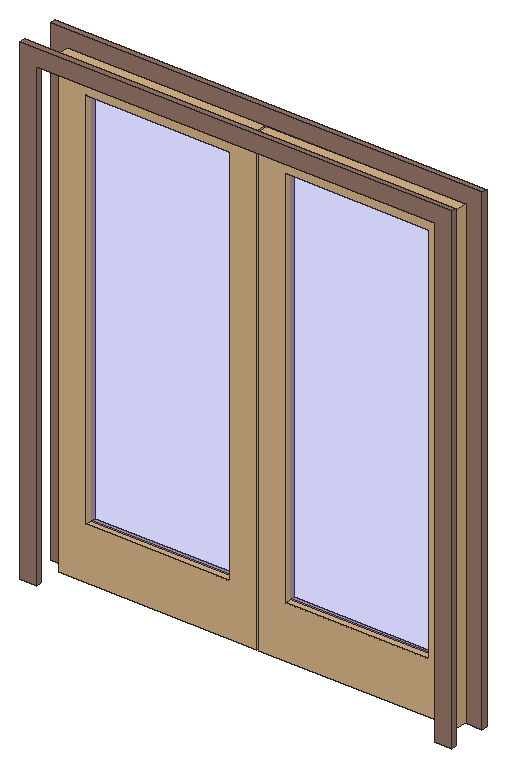
Revit family "0010_M_DR_W_double-glass 1", category 문, Revit 2026
Family settings
  호스트 = 벽
  항상 수직 = 예
  로드될 때 보이드를 사용하여 절단 = 아니오
  공유 = 아니오
  룸 계산 점 = 아니오
Parameters (values of type "72" x 84"")
  두께 = 0' - 2"
  조합 코드 = "C1020"
  기능 = 내부
  Door Material = Door - Panel
  Frame Material = Door - Frame
  Height = 7' - 0"
  Rail Width - Base = 0' - 9 1/2"
  Rail Width - Top = 0' - 5"
  Stile Width = 0' - 5"
  Trim Projection = 0' - 1"
  Trim Width = 0' - 3"
  벽 마무리 = 호스트별
  Width = 6' - 0"
Types (6): name | 두께 | 조합 코드 | Height | Rail Width - Base | Rail Width - Top | Stile Width | Trim Projection | Trim Width | Width
  72" x 84" | 0' - 2" | "C1020" | 7' - 0" | 0' - 9 1/2" | 0' - 5" | 0' - 5" | 0' - 1" | 0' - 3" | 6' - 0"
  68" x 80" | 0' - 2" | "C1020" | 6' - 8" | 0' - 9 1/2" | 0' - 5" | 0' - 5" | 0' - 1" | 0' - 3" | 5' - 8"
  68" x 84" | 0' - 2" | "C1020" | 7' - 0" | 0' - 9 1/2" | 0' - 5" | 0' - 5" | 0' - 1" | 0' - 3" | 5' - 8"
  72" x 78" | 0' - 2" | "C1020" | 6' - 6" | 0' - 9 1/2" | 0' - 5" | 0' - 5" | 0' - 1" | 0' - 3" | 6' - 0"
  72" x 82" | 0' - 2" | "C1020" | 6' - 10" | 0' - 9 1/2" | 0' - 5" | 0' - 5" | 0' - 1" | 0' - 3" | 6' - 0"
  1830 x 2134mm | 0' - 1 31/32" | 0' - 0" | 7' - 0 1/64" | 0' - 9 57/128" | 0' - 4 59/64" | 0' - 4 59/64" | 0' - 0 63/64" | 0' - 2 61/64" | 6' - 0 3/64"
Reference planes (in)
  plane 1: y = 0
  plane 2: z = 0
  plane 3: x = 0
  plane 4: x = -36
  plane 5: x = 36
  plane 6: z = 84
  plane 7: z = 42
  plane 8: z = 9.5
  plane 9: z = 79
  plane 10: x = 31
  plane 11: x = 5
  plane 12: x = -31
  plane 13: x = -5
Forms (in)
  Extrusion 1, solid, material "Door - Panel" <- "Door Material"
    sketch origin (0, 0, 0) x (1, 0, 0) y (0, 0, 1)
      loop
        line (-36, 84) -> (-36, 0) -> (-0.125, 0) -> (-0.125, 84) -> (-36, 84)
      loop
        line (36, 84) -> (0.125, 84) -> (0.125, 0) -> (36, 0) -> (36, 84)
      loop
        line (-31, 79) -> (-31, 9.5) -> (-5, 9.5) -> (-5, 79) -> (-31, 79)
      loop
        line (5, 79) -> (5, 9.5) -> (31, 9.5) -> (31, 79) -> (5, 79)
    from -3.09375 to -1.09375
  Extrusion 2, solid, material "Glass"
    sketch origin (0, 0, 0) x (1, 0, 0) y (0, 0, 1)
      loop
        line (-5, 79) -> (-31, 79) -> (-31, 9.5) -> (-5, 9.5) -> (-5, 79)
    from -2.375 to -2.09375
  Extrusion 3, solid, material "Glass"
    sketch origin (0, 0, 0) x (1, 0, 0) y (0, 0, 1)
      loop
        line (5, 79) -> (5, 9.5) -> (31, 9.5) -> (31, 79) -> (5, 79)
    from -2.375 to -2.09375
  Extrusion 4, solid, material "Door - Frame" <- "Frame Material"
    sketch origin (-93.06215, 3.09375, 0) x (-1, 0, 0) y (0, 0, 1)
      loop
        line (-129.06215, 0) -> (-129.06215, 84) -> (-57.06215, 84) -> (-57.06215, 0) -> (-54.06215, 0) -> (-54.06215, 87) -> (-132.06215, 87) -> (-132.06215, 0) -> (-129.06215, 0)
    from 0 to 1
  Extrusion 5, solid, material "Door - Frame" <- "Frame Material"
    sketch origin (-93.06215, -2.90625, 0) x (1, 0, 0) y (0, 0, 1)
      loop
        line (129.06215, 0) -> (132.06215, 0) -> (132.06215, 87) -> (54.06215, 87) -> (54.06215, 0) -> (57.06215, 0) -> (57.06215, 84) -> (129.06215, 84) -> (129.06215, 0)
    from 0 to 1
Lines and regions (in)
  Opening 1
    outline origin (-60, -2.90625, 144) x (0, 0, -1) y (1, 0, 0)
      loop
        line (60, 24) -> (144, 24) -> (144, 96) -> (60, 96) -> (60, 24)
  symbolic lines, style "DoorsPanelProjection"
    curve 1: line (35.9952, 3.09375, 0) -> (34, 3.09375, 0)
    curve 2: line (35.9952, 3.09375, 0) -> (35.9952, 8.09375, 0)
    curve 3: line (35.9952, 39.10051, 0) -> (34, 39.10051, 0)
    curve 4: line (34, 3.09375, 0) -> (34, 8.09375, 0)
    curve 5: line (-36.02099, 3.09375, 0) -> (-34, 3.09375, 0)
    curve 6: line (-36.02099, 3.09375, 0) -> (-36.02099, 8.09375, 0)
    curve 7: line (-36.02099, 40.14287, 0) -> (-34, 40.14287, 0)
    curve 8: line (-34, 3.09375, 0) -> (-34, 8.09375, 0)
    curve 13: line (-36.02099, 35.14287, 0) -> (-34, 35.14287, 0)
    curve 14: line (-36.02099, 8.09375, 0) -> (-34, 8.09375, 0)
    curve 16: line (34, 34.10051, 0) -> (35.9952, 34.10051, 0)
    curve 17: line (35.9952, 8.09375, 0) -> (34, 8.09375, 0)
    curve 19: line (-36.02099, 35.14287, 0) -> (-36.02099, 40.14287, 0)
    curve 20: line (-34, 35.14287, 0) -> (-34, 40.14287, 0)
    curve 21: line (-34, 8.09375, 0) -> (-34, 35.14287, 0)
    curve 22: line (-36.02099, 8.09375, 0) -> (-36.02099, 35.14287, 0)
    curve 23: line (34, 34.10051, 0) -> (34, 39.10051, 0)
    curve 24: line (35.9952, 34.10051, 0) -> (35.9952, 39.10051, 0)
    curve 25: line (35.9952, 8.09375, 0) -> (35.9952, 34.10051, 0)
    curve 26: line (34, 8.09375, 0) -> (34, 34.10051, 0)
  model lines
    curve 9: line (0, 0, 84) -> (0, 0, 84)
    curve 10: line (0, 0, 84) -> (0, 0, 84)
    curve 11: line (0, 0, 84) -> (0, 0, 84)
    curve 12: line (0, 0, 84) -> (0, 0, 84)
    curve 28: line (0, 1.09375, 84) -> (0, 1.09375, 0)
  symbolic lines, style "DoorsGlassProjection"
    curve 15: line (-34.99856, 35.14287, 0) -> (-34.99856, 8.09375, 0)
    curve 18: line (35, 8.09375, 0) -> (35, 34.10051, 0)
  model lines, style "Plan Swing"
    curve 27: line (0, 3.09375, 84) -> (0, 3.09375, 0)
  symbolic lines, style "Elevation Swing"
    curve 29: line (0.00043, 3.09375, 84.00051) -> (36, 3.09375, 42)
    curve 30: line (36, 3.09375, 42) -> (0, 3.09375, 0)
    curve 31: line (0.00043, 3.09375, 84.00051) -> (-36.00043, 3.09375, 41.99949)
    curve 32: line (-36.00043, 3.09375, 41.99949) -> (0, 3.09375, 0)
    curve 33: line (0, -2.90625, 84.00102) -> (-36.00087, -2.90625, 42)
    curve 34: line (-36.00087, -2.90625, 42) -> (0, -2.90625, 0)
    curve 35: line (0, -2.90625, 84.00102) -> (36, -2.90625, 42)
    curve 36: line (36, -2.90625, 42) -> (0, -2.90625, 0)
  symbolic lines, style "Plan Swing"
    curve 37: arc (0.125, 3.09375, 0) -> (10.63114, 28.45781, 0) -> (35.9952, 38.96395, 0) r 35.8702
    curve 38: arc (-0.12637, 3.00491, 0) -> (-10.42625, 29.02711, 0) -> (-36.10983, 40.14447, 0) r 36.56608
Text (in)
  text "Exterior" at (-78.76614, 13.86463, 0), in view "Ground floor"
Dimensions and locks (in)
  equal spacing: plane 4, plane 3, plane 5
  "Width": plane 4 to plane 5
  host wall to curve 1 = 0' - 0"
  "Height": plane 6 to plane 2
  "Stile Width": host wall to curve 14
  "Stile Width": curve 17 to host wall
  equal spacing: plane 2, plane 7, plane 6
  "Trim Width": Extrusion 4 sketch curve to Extrusion 1  (x2)
  "Trim Width": Extrusion 4 sketch curve to plane 6
  "Trim Projection": Extrusion 4 to host wall
  "Trim Width": Extrusion 5 sketch curve to plane 5
  "Trim Width": Extrusion 5 sketch curve to plane 4
  "Trim Width": Extrusion 5 sketch curve to plane 6
  "Trim Projection": Extrusion 5 to Extrusion 5
  "두께": Extrusion 1 to host wall
  "Rail Width - Base": plane 2 to plane 8
  "Rail Width - Top": plane 9 to plane 6
  locked: host wall to Extrusion 2 at 0.71875
  host wall to Extrusion 3 = 0' - 0 23/32"
  locked: Extrusion 3 to Extrusion 3 at 0.28125
  "Stile Width": plane 10 to plane 5
  "Stile Width": plane 11 to plane 3
  "Stile Width": plane 3 to plane 13
  "Stile Width": plane 12 to plane 4
  Extrusion 1 sketch curve to plane 3 to Extrusion 1 sketch curve = 0' - 0 1/8" locked, 0' - 0 1/8" locked
  "Stile Width": curve 3 to curve 16
  "Stile Width": curve 13 to curve 7
  "두께": plane 4 to curve 21
  "두께": curve 26 to plane 5
  aligned and locked: Extrusion 2 to Extrusion 3  (x2)
  aligned and locked: Extrusion 4 sketch curve to curve 1
  aligned and locked: plane 6 to Extrusion 4 sketch curve  (x2)
  aligned and locked: curve 5 to Extrusion 4 sketch curve
  aligned and locked: plane 2 to Extrusion 4 sketch curve
  aligned and locked: level to Extrusion 4 sketch curve
  aligned and locked: Extrusion 4 to host wall
  aligned and locked: Extrusion 5 sketch curve to curve 1
  aligned and locked: level to Extrusion 5 sketch curve
  aligned and locked: plane 2 to Extrusion 5 sketch curve
  aligned and locked: curve 5 to Extrusion 5 sketch curve
  aligned and locked: plane 6 to Extrusion 5 sketch curve  (x2)
  aligned and locked: plane 5 to Extrusion 5 sketch curve
  aligned and locked: host wall to Extrusion 1
  aligned and locked: Extrusion 1 sketch curve to plane 10
  aligned and locked: Extrusion 1 sketch curve to plane 11
  aligned and locked: Extrusion 1 sketch curve to plane 13
  aligned and locked: Extrusion 1 sketch curve to plane 12
  aligned and locked: Extrusion 3 sketch curve to plane 11
  aligned and locked: Extrusion 3 sketch curve to plane 10
  aligned and locked: Extrusion 2 sketch curve to plane 12
  aligned and locked: Extrusion 2 sketch curve to plane 13
  aligned and locked: curve 5 to host wall
  aligned and locked: curve 37 to Extrusion 1
  aligned and locked: curve 24 to curve 37
Automatic sketch dimensions
  Opening 1 sketch curve to plane 6 = 0' - 0"
  Opening 1 sketch curve to level = 0' - 0"
  Opening 1 sketch curve to plane 4 = 0' - 0"
  Opening 1 sketch curve to plane 5 = 0' - 0"
  Extrusion 4 sketch curve to plane 5 = 0' - 0"
  Extrusion 4 sketch curve to plane 4 = 0' - 0"
  Extrusion 5 sketch curve to plane 4 = 0' - 0"
  curve 33 to plane 3 = 0' - 0"
  curve 10 to plane 3 = 0' - 0"  (x2)
  curve 10 to plane 6 = 0' - 0"  (x2)
  curve 9 to plane 3 = 0' - 0"
  curve 9 to plane 6 = 0' - 0"
  curve 27 to plane 3 = 0' - 0"
  curve 27 to plane 6 = 0' - 0"
  curve 11 to plane 3 = 0' - 0"
  curve 11 to plane 6 = 0' - 0"
  curve 28 to plane 3 = 0' - 0"
  curve 28 to plane 6 = 0' - 0"
  curve 29 to plane 5 = 0' - 0"
  curve 29 to plane 7 = 0' - 0"
  curve 34 to plane 7 = 0' - 0"
  plane 4 to curve 31 = 0' - 0.00043"
  plane 7 to curve 31 = 0' - 0.00051"
  curve 35 to plane 5 = 0' - 0"
  curve 35 to plane 7 = 0' - 0"
  curve 30 to level = 0' - 0"
  curve 27 to level = 0' - 0"
  curve 28 to level = 0' - 0"
  curve 34 to level = 0' - 0"
  curve 34 to plane 3 = 0' - 0"
  curve 30 to plane 3 = 0' - 0"
  curve 31 to plane 6 = 0' - 0.00051"
  curve 35 to curve 29 = 0' - 0.00051"
  curve 34 to curve 32 = 0' - 0.00043"
  plane 3 to curve 31 = 0' - 0.00043"
  Extrusion 1 sketch curve to plane 4 = 0' - 0"
  Extrusion 1 sketch curve to level = 0' - 0"  (x2)
  Extrusion 1 sketch curve to plane 6 = 0' - 0"  (x2)
  Extrusion 1 sketch curve to plane 5 = 0' - 0"
  Extrusion 1 sketch curve to plane 8 = 0' - 0"  (x2)
  Extrusion 1 sketch curve to plane 9 = 0' - 0"  (x2)
  Extrusion 3 sketch curve to plane 8 = 0' - 0"
  Extrusion 3 sketch curve to plane 9 = 0' - 0"
  Extrusion 2 sketch curve to plane 8 = 0' - 0"
  Extrusion 2 sketch curve to plane 9 = 0' - 0"
  curve 38 to host wall = 0' - 0.08884"
  curve 37 to host wall = 0' - 0"
  curve 38 to plane 3 = 0' - 0.12637"
  curve 15 to plane 4 = 0' - 1.00144"
  plane 4 to curve 13 = 0' - 0.02099"
  curve 38 to curve 7 = 0' - 0.08884"
  plane 4 to curve 38 = 0' - 0.68789"
  plane 5 to curve 18 = 0' - 1"
  plane 5 to curve 24 = 0' - 0.0048"
  host wall to curve 38 = 0' - 0.48921"
  curve 16 to curve 37 = 0' - 4.86344"
  curve 15 to curve 38 = 0' - 5.0016"
